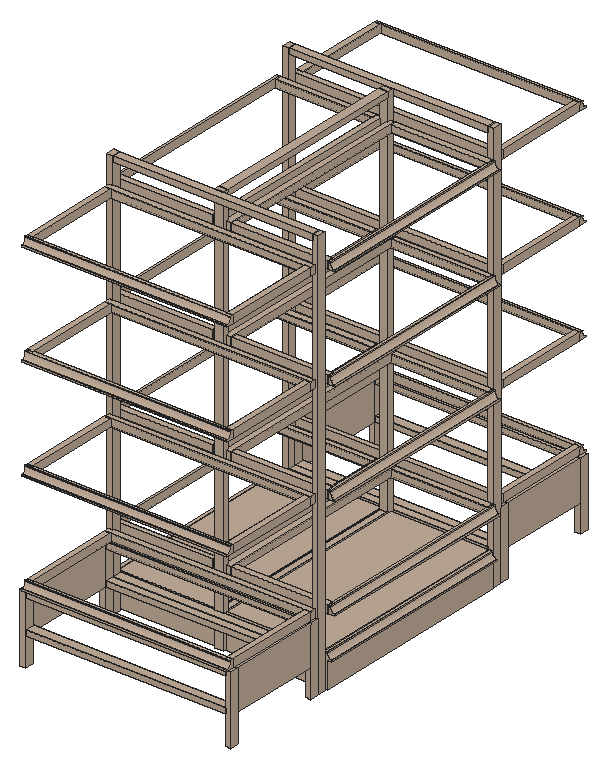
Revit family "Illuminated Display Solution", category Generic Models, Revit 2014
Parameters
  URL = "http://madixinc.com/"
  UFWDPU - Panel Width = 1' - 6"
  UFWDPU - End Panel Height = 6' - 0"
  UFWDPU - Base Panel Height = 0' - 6"
  UFUSA - Right - Depth = 1' - 6"
  UFUSA - Left - Depth = 1' - 6"
  UFUSA - Ends - Depth = 1' - 6"
  UFDT - Front - ON/OFF [instance] = yes
  UFDT - Height = 1' - 0"
  UFDT - Depth = 1' - 4"
  UFDT - Base Height = 0' - 6"
  UFDT - Back - ON/OFF [instance] = yes
  UFDPUSEF - Front - ON/OFF [instance] = yes
  UFDPUSEF - Back - ON/OFF [instance] = yes
  UFDPUSEF - End Panel Width = 3' - 0"
  UFDPUSEF - End Panel Height = 6' - 0"
  UFDPUSEF - End Panel Base Height = 0' - 6"
  UFBD - Right - ON/OFF [instance] = yes
  UFBD - Left - ON/OFF [instance] = yes
  UFBD - Height = 0' - 6"
  UFBD - Front - ON/OFF [instance] = no
  UFBD - Depth = 1' - 6"
  UFBD - Back - ON/OFF [instance] = no
  Model = "Vesta Illuminated Display Solution"
  Manufacturer = "© 2014 Madix, Inc. All rights reserved."
  Frame Material [instance] = Default Madix
  UFGC - Center Panel Width = 3' - 0"
  UFGC - Center Panel Height = 6' - 0"
  UFGC - Center Panel Base Height = 0' - 6"
  Acrylic Glass [instance] = Acrylic Glass
  UFUSA - Front End - Shelf 1 - ON/OFF [instance] = no
  UFUSA - Front End - Shelf 2 - ON/OFF [instance] = no
  UFUSA - Front End - Shelf 3 - ON/OFF [instance] = yes
  UFUSA - Front End - Shelf 4 - ON/OFF [instance] = no
  UFUSA - Front End - Shelf 5 - ON/OFF [instance] = no
  UFUSA - Front End - Shelf 6 - ON/OFF [instance] = yes
  UFUSA - Front End - Shelf 7 - ON/OFF [instance] = no
  UFUSA - Front End - Shelf 8 - ON/OFF [instance] = no
  UFUSA - Front End - Shelf 9 - ON/OFF [instance] = yes
  UFUSA - Front End - Shelf 10 - ON/OFF [instance] = no
  UFUSA - Front End - Shelf 11 - ON/OFF [instance] = no
  UFUSA - Front End - Shelf 12 - ON/OFF [instance] = yes
  UFUSA - Back End - Shelf 1 - ON/OFF [instance] = no
  UFUSA - Back End - Shelf 2 - ON/OFF [instance] = no
  UFUSA - Back End - Shelf 3 - ON/OFF [instance] = yes
  UFUSA - Back End - Shelf 4 - ON/OFF [instance] = no
  UFUSA - Back End - Shelf 5 - ON/OFF [instance] = no
  UFUSA - Back End - Shelf 6 - ON/OFF [instance] = yes
  UFUSA - Back End - Shelf 7 - ON/OFF [instance] = no
  UFUSA - Back End - Shelf 8 - ON/OFF [instance] = no
  UFUSA - Back End - Shelf 9 - ON/OFF [instance] = yes
  UFUSA - Back End - Shelf 10 - ON/OFF [instance] = no
  UFUSA - Back End - Shelf 11 - ON/OFF [instance] = no
  UFUSA - Back End - Shelf 12 - ON/OFF [instance] = yes
  UFUSA - Right Side - Shelf 1 - ON/OFF [instance] = no
  UFUSA - Right Side - Shelf 2 - ON/OFF [instance] = no
  UFUSA - Right Side - Shelf 3 - ON/OFF [instance] = yes
  UFUSA - Right Side - Shelf 4 - ON/OFF [instance] = no
  UFUSA - Right Side - Shelf 5 - ON/OFF [instance] = no
  UFUSA - Right Side - Shelf 6 - ON/OFF [instance] = yes
  UFUSA - Right Side - Shelf 7 - ON/OFF [instance] = no
  UFUSA - Right Side - Shelf 8 - ON/OFF [instance] = no
  UFUSA - Right Side - Shelf 9 - ON/OFF [instance] = yes
  UFUSA - Right Side - Shelf 10 - ON/OFF [instance] = no
  UFUSA - Right Side - Shelf 11 - ON/OFF [instance] = no
  UFUSA - Right Side - Shelf 12 - ON/OFF [instance] = yes
  UFUSA - Left Side - Shelf 1 - ON/OFF [instance] = no
  UFUSA - Left Side - Shelf 2 - ON/OFF [instance] = no
  UFUSA - Left Side - Shelf 3 - ON/OFF [instance] = yes
  UFUSA - Left Side - Shelf 4 - ON/OFF [instance] = no
  UFUSA - Left Side - Shelf 5 - ON/OFF [instance] = no
  UFUSA - Left Side - Shelf 6 - ON/OFF [instance] = yes
  UFUSA - Left Side - Shelf 7 - ON/OFF [instance] = no
  UFUSA - Left Side - Shelf 8 - ON/OFF [instance] = no
  UFUSA - Left Side - Shelf 9 - ON/OFF [instance] = yes
  UFUSA - Left Side - Shelf 10 - ON/OFF [instance] = no
  UFUSA - Left Side - Shelf 11 - ON/OFF [instance] = no
  UFUSA - Left Side - Shelf 12 - ON/OFF [instance] = yes
  UFWDPU - Front Left - ON/OFF [instance] = no
  UFWDPU - Front Right - ON/OFF [instance] = no
  UFWDPU - Back Left - ON/OFF [instance] = no
  UFWDPU - Back Right - ON/OFF [instance] = no
Reference planes (in)
  plane 1 "Center (Front/Back)": y = 0
  plane 2: z = 0
  plane 3 "Center (Left/Right)": x = 0
Dimensions and locks (in)
  aligned and locked: plane 2 to level
  aligned and locked: nested 2 to nested 1
  aligned and locked: nested 3 to nested 1
  aligned and locked: nested 4 to nested 2
  aligned and locked: nested 5 to nested 3
  aligned and locked: nested 8 to nested 2
  aligned and locked: nested 9 to nested 3
  aligned and locked: nested 12 to nested 8
  aligned and locked: nested 13 to nested 9
  aligned and locked: nested 56 to nested 2
  aligned and locked: nested 52 to nested 2
  aligned and locked: nested 48 to nested 2
  aligned and locked: nested 44 to nested 2
  aligned and locked: nested 40 to nested 2
  aligned and locked: nested 36 to nested 2
  aligned and locked: nested 32 to nested 2
  aligned and locked: nested 28 to nested 2
  aligned and locked: nested 24 to nested 2
  aligned and locked: nested 20 to nested 2
  aligned and locked: nested 16 to nested 2
  aligned and locked: nested 3 to nested 57
  aligned and locked: nested 3 to nested 53
  aligned and locked: nested 3 to nested 49
  aligned and locked: nested 3 to nested 45
  aligned and locked: nested 3 to nested 41
  aligned and locked: nested 3 to nested 37
  aligned and locked: nested 3 to nested 33
  aligned and locked: nested 3 to nested 29
  aligned and locked: nested 3 to nested 25
  aligned and locked: nested 3 to nested 21
  aligned and locked: nested 3 to nested 17
  aligned and locked: nested 58 to nested 1
  aligned and locked: nested 59 to nested 1
  aligned and locked: nested 60 to nested 1
  aligned and locked: nested 1 to nested 61
Nested families (in)
  nested 1: "UFGC" at (0, 0, 0) x (0, 1, 0) z (0, 0, 1), Frame Material <- "Frame Material", Acrylic Glass <- "Acrylic Glass", type "UFGC"
    with Frame Material Default Madix, Acrylic Glass Acrylic Glass, End Panel Height 6' - 0"
  nested 2: "UFDPUSEF" at (0, -19.25, 0), Frame Material <- "Frame Material", Acrylic Glass <- "Acrylic Glass", visible <- "UFDPUSEF - Front - ON/OFF", type "UFDPUSEF"
    with Frame Material Default Madix, Acrylic Glass Acrylic Glass
  nested 3: "UFDPUSEF" at (0, 19.25, 0), Frame Material <- "Frame Material", Acrylic Glass <- "Acrylic Glass", visible <- "UFDPUSEF - Back - ON/OFF", type "UFDPUSEF"
    with Frame Material Default Madix, Acrylic Glass Acrylic Glass
  nested 4: "UFDT" at (0, -20.75, 0), Frame Material <- "Frame Material", Acrylic Glass <- "Acrylic Glass", visible <- "UFDT - Front - ON/OFF", type "UFDT"
    with Frame Material Default Madix, Acrylic Glass Acrylic Glass
  nested 5: "UFDT" at (0, 20.75, 0), Acrylic Glass <- "Acrylic Glass", Frame Material <- "Frame Material", visible <- "UFDT - Back - ON/OFF", type "UFDT"
    with Frame Material Default Madix, Acrylic Glass Acrylic Glass
  nested 6: "UFBD" at (0.625, 0, 0) x (0, 1, 0) z (0, 0, 1), Default Madix <- "Frame Material", visible <- "UFBD - Right - ON/OFF", type "UFBD"
    with Base Drawer Width 3' - 0"
  nested 7: "UFBD" at (-0.625, 0, 0) x (0, 1, 0) z (0, 0, 1), Default Madix <- "Frame Material", visible <- "UFBD - Left - ON/OFF", type "UFBD"
    with Base Drawer Width 3' - 0"
  nested 8: "UFBD" at (0, -20, 0), Default Madix <- "Frame Material", visible <- "UFBD - Front - ON/OFF", type "UFBD - END"
    with Default Madix Default Madix, Base Drawer Width 3' - 0"
  nested 9: "UFBD" at (0, 20, 0) x (-1, 0, 0) z (0, 0, 1), Default Madix <- "Frame Material", visible <- "UFBD - Back - ON/OFF", type "UFBD - END"
    with Default Madix Default Madix, Base Drawer Width 3' - 0"
  nested 10: "UFUSA" at (0.625, 0, 0) x (0, 1, 0) z (0, 0, 1), visible <- "UFUSA - Right Side - Shelf 1 - ON/OFF", type "UFUSA - Right"
    with Base Drawer Depth 1' - 6"
  nested 11: "UFUSA" at (-0.625, 0, 0) x (0, 1, 0) z (0, 0, 1), visible <- "UFUSA - Left Side - Shelf 1 - ON/OFF", type "UFUSA"
    with Base Drawer Depth 1' - 6"
  nested 12: "UFUSA" at (0, -20, 0), visible <- "UFUSA - Front End - Shelf 1 - ON/OFF", type "UFUSA - Front End"
    with Base Drawer Depth 1' - 6"
  nested 13: "UFUSA" at (0, 20, 0) x (-1, 0, 0) z (0, 0, 1), visible <- "UFUSA - Back End - Shelf 1 - ON/OFF", type "UFUSA - Back End"
    with Base Drawer Depth 1' - 6"
  nested 14: "UFUSA" at (0.625, 0, 6) x (0, 1, 0) z (0, 0, 1), visible <- "UFUSA - Right Side - Shelf 2 - ON/OFF", type "UFUSA - Right"
    with Base Drawer Depth 1' - 6"
  nested 15: "UFUSA" at (-0.625, 0, 6) x (0, 1, 0) z (0, 0, 1), visible <- "UFUSA - Left Side - Shelf 2 - ON/OFF", type "UFUSA"
    with Base Drawer Depth 1' - 6"
  nested 16: "UFUSA" at (0, -20, 6), visible <- "UFUSA - Front End - Shelf 2 - ON/OFF", type "UFUSA - Front End"
    with Base Drawer Depth 1' - 6"
  nested 17: "UFUSA" at (0, 20, 6) x (-1, 0, 0) z (0, 0, 1), visible <- "UFUSA - Back End - Shelf 2 - ON/OFF", type "UFUSA - Back End"
    with Base Drawer Depth 1' - 6"
  nested 18: "UFUSA" at (0.625, 0, 12) x (0, 1, 0) z (0, 0, 1), visible <- "UFUSA - Right Side - Shelf 3 - ON/OFF", type "UFUSA - Right"
    with Base Drawer Depth 1' - 6"
  nested 19: "UFUSA" at (-0.625, 0, 12) x (0, 1, 0) z (0, 0, 1), visible <- "UFUSA - Left Side - Shelf 3 - ON/OFF", type "UFUSA"
    with Base Drawer Depth 1' - 6"
  nested 20: "UFUSA" at (0, -20, 12), visible <- "UFUSA - Front End - Shelf 3 - ON/OFF", type "UFUSA - Front End"
    with Base Drawer Depth 1' - 6"
  nested 21: "UFUSA" at (0, 20, 12) x (-1, 0, 0) z (0, 0, 1), visible <- "UFUSA - Back End - Shelf 3 - ON/OFF", type "UFUSA - Back End"
    with Base Drawer Depth 1' - 6"
  nested 22: "UFUSA" at (0.625, 0, 18) x (0, 1, 0) z (0, 0, 1), visible <- "UFUSA - Back End - Shelf 4 - ON/OFF", type "UFUSA - Right"
    with Base Drawer Depth 1' - 6"
  nested 23: "UFUSA" at (-0.625, 0, 18) x (0, 1, 0) z (0, 0, 1), visible <- "UFUSA - Left Side - Shelf 4 - ON/OFF", type "UFUSA"
    with Base Drawer Depth 1' - 6"
  nested 24: "UFUSA" at (0, -20, 18), visible <- "UFUSA - Front End - Shelf 4 - ON/OFF", type "UFUSA - Front End"
    with Base Drawer Depth 1' - 6"
  nested 25: "UFUSA" at (0, 20, 18) x (-1, 0, 0) z (0, 0, 1), visible <- "UFUSA - Back End - Shelf 4 - ON/OFF", type "UFUSA - Back End"
    with Base Drawer Depth 1' - 6"
  nested 26: "UFUSA" at (0.625, 0, 24) x (0, 1, 0) z (0, 0, 1), visible <- "UFUSA - Front End - Shelf 5 - ON/OFF", type "UFUSA - Right"
    with Base Drawer Depth 1' - 6"
  nested 27: "UFUSA" at (-0.625, 0, 24) x (0, 1, 0) z (0, 0, 1), visible <- "UFUSA - Left Side - Shelf 5 - ON/OFF", type "UFUSA"
    with Base Drawer Depth 1' - 6"
  nested 28: "UFUSA" at (0, -20, 24), visible <- "UFUSA - Front End - Shelf 5 - ON/OFF", type "UFUSA - Front End"
    with Base Drawer Depth 1' - 6"
  nested 29: "UFUSA" at (0, 20, 24) x (-1, 0, 0) z (0, 0, 1), visible <- "UFUSA - Back End - Shelf 5 - ON/OFF", type "UFUSA - Back End"
    with Base Drawer Depth 1' - 6"
  nested 30: "UFUSA" at (0.625, 0, 30) x (0, 1, 0) z (0, 0, 1), visible <- "UFUSA - Right Side - Shelf 6 - ON/OFF", type "UFUSA - Right"
    with Base Drawer Depth 1' - 6"
  nested 31: "UFUSA" at (-0.625, 0, 30) x (0, 1, 0) z (0, 0, 1), visible <- "UFUSA - Left Side - Shelf 6 - ON/OFF", type "UFUSA"
    with Base Drawer Depth 1' - 6"
  nested 32: "UFUSA" at (0, -20, 30), visible <- "UFUSA - Front End - Shelf 6 - ON/OFF", type "UFUSA - Front End"
    with Base Drawer Depth 1' - 6"
  nested 33: "UFUSA" at (0, 20, 30) x (-1, 0, 0) z (0, 0, 1), visible <- "UFUSA - Back End - Shelf 6 - ON/OFF", type "UFUSA - Back End"
    with Base Drawer Depth 1' - 6"
  nested 34: "UFUSA" at (0.625, 0, 36) x (0, 1, 0) z (0, 0, 1), visible <- "UFUSA - Right Side - Shelf 7 - ON/OFF", type "UFUSA - Right"
    with Base Drawer Depth 1' - 6"
  nested 35: "UFUSA" at (-0.625, 0, 36) x (0, 1, 0) z (0, 0, 1), visible <- "UFUSA - Left Side - Shelf 7 - ON/OFF", type "UFUSA"
    with Base Drawer Depth 1' - 6"
  nested 36: "UFUSA" at (0, -20, 36), visible <- "UFUSA - Front End - Shelf 7 - ON/OFF", type "UFUSA - Front End"
    with Base Drawer Depth 1' - 6"
  nested 37: "UFUSA" at (0, 20, 36) x (-1, 0, 0) z (0, 0, 1), visible <- "UFUSA - Back End - Shelf 7 - ON/OFF", type "UFUSA - Back End"
    with Base Drawer Depth 1' - 6"
  nested 38: "UFUSA" at (0.625, 0, 42) x (0, 1, 0) z (0, 0, 1), visible <- "UFUSA - Right Side - Shelf 8 - ON/OFF", type "UFUSA - Right"
    with Base Drawer Depth 1' - 6"
  nested 39: "UFUSA" at (-0.625, 0, 42) x (0, 1, 0) z (0, 0, 1), visible <- "UFUSA - Left Side - Shelf 8 - ON/OFF", type "UFUSA"
    with Base Drawer Depth 1' - 6"
  nested 40: "UFUSA" at (0, -20, 42), visible <- "UFUSA - Front End - Shelf 8 - ON/OFF", type "UFUSA - Front End"
    with Base Drawer Depth 1' - 6"
  nested 41: "UFUSA" at (0, 20, 42) x (-1, 0, 0) z (0, 0, 1), visible <- "UFUSA - Back End - Shelf 8 - ON/OFF", type "UFUSA - Back End"
    with Base Drawer Depth 1' - 6"
  nested 42: "UFUSA" at (0.625, 0, 48) x (0, 1, 0) z (0, 0, 1), visible <- "UFUSA - Right Side - Shelf 9 - ON/OFF", type "UFUSA - Right"
    with Base Drawer Depth 1' - 6"
  nested 43: "UFUSA" at (-0.625, 0, 48) x (0, 1, 0) z (0, 0, 1), visible <- "UFUSA - Left Side - Shelf 9 - ON/OFF", type "UFUSA"
    with Base Drawer Depth 1' - 6"
  nested 44: "UFUSA" at (0, -20, 48), visible <- "UFUSA - Front End - Shelf 9 - ON/OFF", type "UFUSA - Front End"
    with Base Drawer Depth 1' - 6"
  nested 45: "UFUSA" at (0, 20, 48) x (-1, 0, 0) z (0, 0, 1), visible <- "UFUSA - Back End - Shelf 9 - ON/OFF", type "UFUSA - Back End"
    with Base Drawer Depth 1' - 6"
  nested 46: "UFUSA" at (0.625, 0, 54) x (0, 1, 0) z (0, 0, 1), visible <- "UFUSA - Right Side - Shelf 10 - ON/OFF", type "UFUSA - Right"
    with Base Drawer Depth 1' - 6"
  nested 47: "UFUSA" at (-0.625, 0, 54) x (0, 1, 0) z (0, 0, 1), visible <- "UFUSA - Left Side - Shelf 10 - ON/OFF", type "UFUSA"
    with Base Drawer Depth 1' - 6"
  nested 48: "UFUSA" at (0, -20, 54), visible <- "UFUSA - Front End - Shelf 10 - ON/OFF", type "UFUSA - Front End"
    with Base Drawer Depth 1' - 6"
  nested 49: "UFUSA" at (0, 20, 54) x (-1, 0, 0) z (0, 0, 1), visible <- "UFUSA - Back End - Shelf 10 - ON/OFF", type "UFUSA - Back End"
    with Base Drawer Depth 1' - 6"
  nested 50: "UFUSA" at (0.625, 0, 60) x (0, 1, 0) z (0, 0, 1), visible <- "UFUSA - Right Side - Shelf 11 - ON/OFF", type "UFUSA - Right"
    with Base Drawer Depth 1' - 6"
  nested 51: "UFUSA" at (-0.625, 0, 60) x (0, 1, 0) z (0, 0, 1), visible <- "UFUSA - Left Side - Shelf 11 - ON/OFF", type "UFUSA"
    with Base Drawer Depth 1' - 6"
  nested 52: "UFUSA" at (0, -20, 60), visible <- "UFUSA - Front End - Shelf 11 - ON/OFF", type "UFUSA - Front End"
    with Base Drawer Depth 1' - 6"
  nested 53: "UFUSA" at (0, 20, 60) x (-1, 0, 0) z (0, 0, 1), visible <- "UFUSA - Back End - Shelf 11 - ON/OFF", type "UFUSA - Back End"
    with Base Drawer Depth 1' - 6"
  nested 54: "UFUSA" at (0.625, 0, 66) x (0, 1, 0) z (0, 0, 1), visible <- "UFUSA - Right Side - Shelf 12 - ON/OFF", type "UFUSA - Right"
    with Base Drawer Depth 1' - 6"
  nested 55: "UFUSA" at (-0.625, 0, 66) x (0, 1, 0) z (0, 0, 1), visible <- "UFUSA - Left Side - Shelf 12 - ON/OFF", type "UFUSA"
    with Base Drawer Depth 1' - 6"
  nested 56: "UFUSA" at (0, -20, 66), visible <- "UFUSA - Front End - Shelf 12 - ON/OFF", type "UFUSA - Front End"
    with Base Drawer Depth 1' - 6"
  nested 57: "UFUSA" at (0, 20, 66) x (-1, 0, 0) z (0, 0, 1), visible <- "UFUSA - Back End - Shelf 12 - ON/OFF", type "UFUSA - Back End"
    with Base Drawer Depth 1' - 6"
  nested 58: "UFWDPU" at (0.5, -19.25, 0), Frame Material <- "Frame Material", Acrylic Glass <- "Acrylic Glass", visible <- "UFWDPU - Front Right - ON/OFF", type "UFWDPU"
    with Frame Material Default Madix, Acrylic Glass Acrylic Glass, End Panel Width 1' - 6", End Panel Height 6' - 0"
  nested 59: "UFWDPU" at (-0.5, -19.25, 0) x (-1, 0, 0) z (0, 0, 1), Frame Material <- "Frame Material", Acrylic Glass <- "Acrylic Glass", visible <- "UFWDPU - Front Left - ON/OFF", type "UFWDPU"
    with Frame Material Default Madix, Acrylic Glass Acrylic Glass, End Panel Width 1' - 6", End Panel Height 6' - 0"
  nested 60: "UFWDPU" at (0.5, 19.25, 0), Acrylic Glass <- "Acrylic Glass", Frame Material <- "Frame Material", visible <- "UFWDPU - Back Right - ON/OFF", type "UFWDPU"
    with Frame Material Default Madix, Acrylic Glass Acrylic Glass, End Panel Width 1' - 6", End Panel Height 6' - 0"
  nested 61: "UFWDPU" at (-0.5, 19.25, 0) x (-1, 0, 0) z (0, 0, 1), Acrylic Glass <- "Acrylic Glass", Frame Material <- "Frame Material", visible <- "UFWDPU - Back Left - ON/OFF", type "UFWDPU"
    with Frame Material Default Madix, Acrylic Glass Acrylic Glass, End Panel Width 1' - 6", End Panel Height 6' - 0"
Definition of nested family "UFGC"
  Parameters (values of type "UFGC")
    Frame Material [instance] = Default Madix
    End Panel Width = 3' - 0"
    End Panel Height = 5' - 0"
    End Panel Base Height = 0' - 6"
    Acrylic Glass [instance] = Acrylic Glass
  Reference planes (in)
    plane 1 "Center (Front/Back)": y = 0
    plane 2: z = 0
    plane 3 "Center (Left/Right)": x = 0
    plane 4: x = -18
    plane 5: x = 18
  Forms (in)
    Extrusion 1, solid, material "Default Madix" <- "Frame Material"
      sketch origin (0, 0, 0) x (1, 0, 0) y (0, 1, 0)
        loop
          line (-18.5, -0.75) -> (-17.5, -0.75) -> (-17.5, 0.75) -> (-18.5, 0.75) -> (-18.5, -0.75)
        loop
          line (17.5, -0.75) -> (18.5, -0.75) -> (18.5, 0.75) -> (17.5, 0.75) -> (17.5, -0.75)
      from 0 to 60
    Extrusion 2, solid, material "Default Madix" <- "Frame Material"
      sketch origin (0, 0, 0) x (1, 0, 0) y (0, 0, 1)
        loop
          line (-17.5, 60) -> (-17.5, 59) -> (17.5, 59) -> (17.5, 60) -> (-17.5, 60)
        loop
          line (-17.5, 5) -> (17.5, 5) -> (17.5, 6) -> (-17.5, 6) -> (-17.5, 5)
      from -0.75 to 0.75
    Extrusion 3, solid, material "Acrylic Glass" <- "Acrylic Glass"
      sketch origin (0, 0, 0) x (1, 0, 0) y (0, 0, 1)
        loop
          line (-17.5, 59) -> (-17.5, 6) -> (17.5, 6) -> (17.5, 59) -> (-17.5, 59)
      from -0.625 to 0.625
  Dimensions and locks (in)
    equal spacing: plane 4, plane 3 "Center (Left/Right)", plane 5
    "End Panel Width": plane 4 to plane 5
    equal spacing: Extrusion 2, plane 1 "Center (Front/Back)", Extrusion 2
    "End Panel Height": Extrusion 2 to level
    "End Panel Base Height": Extrusion 2 to level
    "End Panel Height": Extrusion 1 to level
    locked: Extrusion 3 to Extrusion 2 at 1
    locked: Extrusion 2 to Extrusion 2 at 1
    aligned and locked: plane 2 to level
    aligned and locked: Extrusion 3 sketch curve to Extrusion 2  (x4)
  Automatic sketch dimensions
    plane 4 to Extrusion 1 sketch curve = 0' - 0 1/2"
    Extrusion 1 sketch curve to plane 4 = 0' - 0 1/2"
    plane 5 to Extrusion 1 sketch curve = 0' - 0 1/2"
    Extrusion 1 sketch curve to plane 5 = 0' - 0 1/2"
    plane 1 "Center (Front/Back)" to Extrusion 1 sketch curve = 0' - 0 3/4"  (x2)
    Extrusion 1 sketch curve to plane 1 "Center (Front/Back)" = 0' - 0 3/4"  (x2)
    Extrusion 2 sketch curve to plane 4 = 0' - 0 1/2"  (x2)
    plane 5 to Extrusion 2 sketch curve = 0' - 0 1/2"  (x2)
    level to Extrusion 2 sketch curve = 0' - 5"
    Extrusion 2 sketch curve to Extrusion 2 sketch curve = 0' - 1"  (x2)
    Extrusion 2 sketch curve to Extrusion 2 sketch curve = 4' - 5"
Definition of nested family "UFDPUSEF"
  Parameters (values of type "UFDPUSEF")
    Frame Material [instance] = Default Madix
    End Panel Width = 3' - 0"
    End Panel Height = 6' - 0"
    End Panel Base Height = 0' - 6"
    Acrylic Glass [instance] = Acrylic Glass
  Reference planes (in)
    plane 1 "Center (Front/Back)": y = 0
    plane 2: z = 0
    plane 3 "Center (Left/Right)": x = 0
    plane 4: x = -18
    plane 5: x = 18
  Forms (in)
    Extrusion 1, solid, material "Default Madix" <- "Frame Material"
      sketch origin (0, 0, 0) x (1, 0, 0) y (0, 1, 0)
        loop
          line (-18.5, -0.75) -> (-17.5, -0.75) -> (-17.5, 0.75) -> (-18.5, 0.75) -> (-18.5, -0.75)
        loop
          line (17.5, -0.75) -> (18.5, -0.75) -> (18.5, 0.75) -> (17.5, 0.75) -> (17.5, -0.75)
      from 0 to 72
    Extrusion 2, solid, material "Default Madix" <- "Frame Material"
      sketch origin (0, 0, 0) x (1, 0, 0) y (0, 0, 1)
        loop
          line (-17.5, 72) -> (-17.5, 71) -> (17.5, 71) -> (17.5, 72) -> (-17.5, 72)
        loop
          line (-17.5, 5) -> (17.5, 5) -> (17.5, 6) -> (-17.5, 6) -> (-17.5, 5)
      from -0.75 to 0.75
    Extrusion 3, solid, material "Acrylic Glass" <- "Acrylic Glass"
      sketch origin (0, 0, 0) x (1, 0, 0) y (0, 0, 1)
        loop
          line (-17.5, 71) -> (-17.5, 6) -> (17.5, 6) -> (17.5, 71) -> (-17.5, 71)
      from -0.75 to 0.75
  Dimensions and locks (in)
    equal spacing: plane 4, plane 3 "Center (Left/Right)", plane 5
    "End Panel Width": plane 4 to plane 5
    equal spacing: Extrusion 2, plane 1 "Center (Front/Back)", Extrusion 2
    "End Panel Height": Extrusion 2 to level
    "End Panel Base Height": Extrusion 2 to level
    "End Panel Height": Extrusion 1 to level
    locked: Extrusion 3 to Extrusion 2 at 1
    aligned and locked: plane 2 to level
    aligned and locked: Extrusion 3 sketch curve to Extrusion 2  (x4)
  Automatic sketch dimensions
    plane 4 to Extrusion 1 sketch curve = 0' - 0 1/2"
    Extrusion 1 sketch curve to plane 4 = 0' - 0 1/2"
    plane 5 to Extrusion 1 sketch curve = 0' - 0 1/2"
    Extrusion 1 sketch curve to plane 5 = 0' - 0 1/2"
    plane 1 "Center (Front/Back)" to Extrusion 1 sketch curve = 0' - 0 3/4"  (x2)
    Extrusion 1 sketch curve to plane 1 "Center (Front/Back)" = 0' - 0 3/4"  (x2)
    level to Extrusion 2 sketch curve = 0' - 5"
    Extrusion 2 sketch curve to plane 4 = 0' - 0 1/2"  (x2)
    plane 5 to Extrusion 2 sketch curve = 0' - 0 1/2"  (x2)
    Extrusion 2 sketch curve to Extrusion 2 sketch curve = 5' - 5"
    Extrusion 2 sketch curve to Extrusion 2 sketch curve = 0' - 1"  (x2)
Definition of nested family "UFDT"
  Parameters (values of type "UFDT")
    Frame Material [instance] = Default Madix
    Extrusion Depth = Depth + 0' 0 3/4"  # 1' - 0 3/4"
    End Panel Width = 3' - 0"
    End Panel Height = 1' - 0"
    End Panel Base Height = 0' - 6"
    Depth = 1' - 0"
    Acrylic Glass [instance] = Acrylic Glass
  Reference planes (in)
    plane 1 "Center (Front/Back)": y = 0
    plane 2: z = 0
    plane 3 "Center (Left/Right)": x = 0
    plane 4: x = -18
    plane 5: x = 18
    plane 6: z = -1
  Forms (in)
    Extrusion 1, solid, material "Default Madix" <- "Frame Material"
      sketch origin (-36, 0, 0) x (1, 0, 0) y (0, 0, 1)
        loop
          line (17.5, 5) -> (18.5, 5) -> (18.5, 12) -> (17.5, 12) -> (17.5, 5)
        loop
          line (53.5, 5) -> (54.5, 5) -> (54.5, 12) -> (53.5, 12) -> (53.5, 5)
      from 0.75 to 12.75 <- "Extrusion Depth"
    Extrusion 2, solid, material "Acrylic Glass" <- "Acrylic Glass"
      sketch origin (0, 0, 0) x (1, 0, 0) y (0, 0, 1)
        loop
          line (-17.5, 11.25) -> (17.5, 11.25) -> (17.5, 12) -> (-17.5, 12) -> (-17.5, 11.25)
      from 0.75 to 12.75
  Dimensions and locks (in)
    locked: Extrusion 1 to Extrusion 1 at 1  (x2)
    "End Panel Width": plane 5 to plane 4
    equal spacing: plane 5, plane 3 "Center (Left/Right)", plane 4
    "End Panel Base Height": Extrusion 1 sketch curve to plane 6  (x2)
    "End Panel Height": Extrusion 1 sketch curve to level  (x2)
    locked: Extrusion 2 to Extrusion 2 at 0.75
    "End Panel Height": Extrusion 2 to level
    "Depth": nested 2 to Extrusion 2
    "Depth": Extrusion 2 to Extrusion 2
    aligned and locked: plane 2 to level
    aligned and locked: Extrusion 2 to nested 1
    aligned and locked: Extrusion 2 to Extrusion 1  (x2)
    aligned and locked: plane 1 "Center (Front/Back)" to nested 1
  Automatic sketch dimensions
    Extrusion 2 sketch curve to plane 3 "Center (Left/Right)" = 1' - 5 1/2"
    plane 3 "Center (Left/Right)" to Extrusion 2 sketch curve = 1' - 5 1/2"
    level to Extrusion 2 sketch curve = 0' - 11 1/4"
    Extrusion 2 sketch curve to Extrusion 2 sketch curve = 0' - 0 3/4"
    Extrusion 1 sketch curve to plane 4 = 0' - 0 1/2"
    plane 4 to Extrusion 1 sketch curve = 0' - 0 1/2"
    Extrusion 1 sketch curve to plane 5 = 0' - 0 1/2"
    plane 5 to Extrusion 1 sketch curve = 0' - 0 1/2"
  Nested families (in)
    nested 1: "UFDPUSEF" at (0, 0, 0), type "UFDPUSEF"
      with Frame Material Default Madix, Acrylic Glass Acrylic Glass, End Panel Height 1' - 0"
    nested 2: "UFDPUSEF" at (0, -13.5, 0), Frame Material <- "Frame Material", Acrylic Glass <- "Acrylic Glass", type "UFDPUSEF"
      with Frame Material Default Madix, Acrylic Glass Acrylic Glass, End Panel Height 1' - 0"
  Definition of nested family "UFDPUSEF"
    Parameters (values of type "UFDPUSEF")
      Frame Material [instance] = Default Madix
      End Panel Width = 3' - 0"
      End Panel Height = 6' - 0"
      End Panel Base Height = 0' - 6"
      Acrylic Glass [instance] = Acrylic Glass
    Reference planes (in)
      plane 1 "Center (Front/Back)": y = 0
      plane 2: z = 0
      plane 3 "Center (Left/Right)": x = 0
      plane 4: x = -18
      plane 5: x = 18
    Forms (in)
      Extrusion 1, solid, material "Default Madix" <- "Frame Material"
        sketch origin (0, 0, 0) x (1, 0, 0) y (0, 1, 0)
          loop
            line (-18.5, -0.75) -> (-17.5, -0.75) -> (-17.5, 0.75) -> (-18.5, 0.75) -> (-18.5, -0.75)
          loop
            line (17.5, -0.75) -> (18.5, -0.75) -> (18.5, 0.75) -> (17.5, 0.75) -> (17.5, -0.75)
        from 0 to 72
      Extrusion 2, solid, material "Default Madix" <- "Frame Material"
        sketch origin (0, 0, 0) x (1, 0, 0) y (0, 0, 1)
          loop
            line (-17.5, 72) -> (-17.5, 71) -> (17.5, 71) -> (17.5, 72) -> (-17.5, 72)
          loop
            line (-17.5, 5) -> (17.5, 5) -> (17.5, 6) -> (-17.5, 6) -> (-17.5, 5)
        from -0.75 to 0.75
      Extrusion 3, solid, material "Acrylic Glass" <- "Acrylic Glass"
        sketch origin (0, 0, 0) x (1, 0, 0) y (0, 0, 1)
          loop
            line (-17.5, 71) -> (-17.5, 6) -> (17.5, 6) -> (17.5, 71) -> (-17.5, 71)
        from -0.75 to 0.75
    Dimensions and locks (in)
      equal spacing: plane 4, plane 3 "Center (Left/Right)", plane 5
      "End Panel Width": plane 4 to plane 5
      equal spacing: Extrusion 2, plane 1 "Center (Front/Back)", Extrusion 2
      "End Panel Height": Extrusion 2 to level
      "End Panel Base Height": Extrusion 2 to level
      "End Panel Height": Extrusion 1 to level
      locked: Extrusion 3 to Extrusion 2 at 1
      aligned and locked: plane 2 to level
      aligned and locked: Extrusion 3 sketch curve to Extrusion 2  (x4)
    Automatic sketch dimensions
      plane 4 to Extrusion 1 sketch curve = 0' - 0 1/2"
      Extrusion 1 sketch curve to plane 4 = 0' - 0 1/2"
      plane 5 to Extrusion 1 sketch curve = 0' - 0 1/2"
      Extrusion 1 sketch curve to plane 5 = 0' - 0 1/2"
      plane 1 "Center (Front/Back)" to Extrusion 1 sketch curve = 0' - 0 3/4"  (x2)
      Extrusion 1 sketch curve to plane 1 "Center (Front/Back)" = 0' - 0 3/4"  (x2)
      level to Extrusion 2 sketch curve = 0' - 5"
      Extrusion 2 sketch curve to plane 4 = 0' - 0 1/2"  (x2)
      plane 5 to Extrusion 2 sketch curve = 0' - 0 1/2"  (x2)
      Extrusion 2 sketch curve to Extrusion 2 sketch curve = 5' - 5"
      Extrusion 2 sketch curve to Extrusion 2 sketch curve = 0' - 1"  (x2)
Definition of nested family "UFBD"
  Parameters (values of type "UFBD")
    Default Madix [instance] = Default Madix
    Base Drawer Width = 4' - 0"
    Base Drawer Height = 0' - 6"
    Base Drawer Depth = 1' - 6"
  Reference planes (in)
    plane 1 "Center (Front/Back)": y = 0
    plane 2: z = 0
    plane 3 "Center (Left/Right)": x = 0
  Forms (in)
    Extrusion 1, solid, material "Default Madix" <- "Default Madix"
      sketch origin (0, 1.5, 0) x (0, 1, 0) y (0, 0, 1)
        loop
          line (-1.5, 0) -> (-1.5, 6) -> (-18.875, 6) -> (-18.875, 0) -> (-1.5, 0)
        loop
          line (-19, 0) -> (-19, 6) -> (-19.5, 6) -> (-19.5, 5.875) -> (-19.375, 5.875)
          arc (-19.375, 5.875) -> (-19.63696, 5.23714) -> (-20.125, 4.75) r 1.75
          line (-20.125, 4.75) -> (-20.125, 4.875) -> (-20.25, 4.875) -> (-20.25, 4.625) -> (-19.5, 4.625) -> (-19.5, 0) -> (-19, 0)
      from -24 to 24
  Dimensions and locks (in)
    equal spacing: Extrusion 1, plane 3 "Center (Left/Right)", Extrusion 1
    "Base Drawer Width": Extrusion 1 to Extrusion 1
    Extrusion 1 to Extrusion 1 = 0' - 6"
    "Base Drawer Depth": Extrusion 1 to Extrusion 1
    "Base Drawer Height": Extrusion 1 sketch curve to Extrusion 1 sketch curve
    aligned and locked: plane 2 to level
  Automatic sketch dimensions
    Extrusion 1 sketch curve to level = 0' - 0"  (x2)
    Extrusion 1 sketch curve to plane 1 "Center (Front/Back)" = 0' - 0"
    plane 1 "Center (Front/Back)" to Extrusion 1 sketch curve = 1' - 5 3/8"
    Extrusion 1 sketch curve to Extrusion 1 sketch curve = 0' - 0 1/8"  (x8)
    Extrusion 1 sketch curve to Extrusion 1 sketch curve = 0' - 0 3/8"
    Extrusion 1 sketch curve to Extrusion 1 sketch curve = 0' - 0 5/8"
    Extrusion 1 sketch curve to Extrusion 1 sketch curve = 0' - 0.84305"
    Extrusion 1 sketch curve to Extrusion 1 sketch curve = 0' - 1 3/8"
Definition of nested family "UFUSA"
  Parameters (values of type "UFUSA")
    Default Madix = Default Madix
    Base Drawer Width = 3' - 0"
    Base Drawer Depth = 1' - 0"
    Acrylic Glass = Acrylic Glass
  Reference planes (in)
    plane 1 "Center (Front/Back)": y = 0
    plane 2: z = 0
    plane 3 "Center (Left/Right)": x = 0
  Forms (in)
    Extrusion 1, solid, material "Default Madix" <- "Default Madix"
      sketch origin (0, 1.5, -4.625) x (0, 1, 0) y (0, 0, 1)
        loop
          line (-1.5, 4.625) -> (-1.5, 6) -> (-2.5, 6) -> (-2.5, 4.625) -> (-1.5, 4.625)
        loop
          line (-13.5, 4.625) -> (-13.5, 6) -> (-14, 6) -> (-14, 5.875) -> (-13.875, 5.875)
          arc (-13.875, 5.875) -> (-14.13696, 5.23714) -> (-14.625, 4.75) r 1.75
          line (-14.625, 4.75) -> (-14.625, 4.875) -> (-14.75, 4.875) -> (-14.75, 4.625) -> (-13.5, 4.625)
      from -18 to 18
    Extrusion 2, solid, material "Default Madix" <- "Default Madix"
      sketch origin (0, 0, 0) x (1, 0, 0) y (0, 0, 1)
        loop
          line (-18, 1.375) -> (-18, 0) -> (-17, 0) -> (-17, 1.375) -> (-18, 1.375)
        loop
          line (18, 0) -> (18, 1.375) -> (17, 1.375) -> (17, 0) -> (18, 0)
      from 1 to 12
    Extrusion 3, solid, material "Acrylic Glass" <- "Acrylic Glass"
      sketch origin (0, 0, 0) x (1, 0, 0) y (0, 0, 1)
        loop
          line (-17, 1.25) -> (-17, 0.25) -> (17, 0.25) -> (17, 1.25) -> (-17, 1.25)
      from 1 to 12
  Dimensions and locks (in)
    equal spacing: Extrusion 1, plane 3 "Center (Left/Right)", Extrusion 1
    "Base Drawer Width": Extrusion 1 to Extrusion 1
    locked: Extrusion 1 sketch curve to Extrusion 1 sketch curve at 1
    "Base Drawer Depth": Extrusion 1 to plane 1 "Center (Front/Back)"
    locked: Extrusion 1 to Extrusion 2 sketch curve at 1  (x2)
    aligned and locked: plane 2 to level
    aligned and locked: Extrusion 2 to Extrusion 1  (x2)
    aligned and locked: Extrusion 3 to Extrusion 1  (x2)
    aligned and locked: Extrusion 3 to Extrusion 2  (x2)
  Automatic sketch dimensions
    Extrusion 1 sketch curve to plane 1 "Center (Front/Back)" = 0' - 0"
    Extrusion 1 sketch curve to Extrusion 1 sketch curve = 0' - 0 3/8"
    Extrusion 1 sketch curve to Extrusion 1 sketch curve = 0' - 0 1/8"  (x5)
    Extrusion 1 sketch curve to Extrusion 1 sketch curve = 0' - 0.84305"
    Extrusion 1 sketch curve to Extrusion 1 sketch curve = 0' - 1"
    level to Extrusion 1 sketch curve = 0' - 0"
    Extrusion 1 sketch curve to Extrusion 1 sketch curve = 0' - 1 1/8"
    Extrusion 1 sketch curve to Extrusion 1 sketch curve = 0' - 1 3/8"
    level to Extrusion 1 sketch curve = 0' - 1 3/8"
    Extrusion 1 sketch curve to Extrusion 1 sketch curve = 0' - 11"
    Extrusion 2 sketch curve to level = 0' - 0"  (x2)
    Extrusion 2 sketch curve to Extrusion 2 sketch curve = 0' - 1"  (x2)
    level to Extrusion 2 sketch curve = 0' - 1 3/8"
    Extrusion 2 sketch curve to Extrusion 2 sketch curve = 0' - 1 3/8"
    level to Extrusion 3 sketch curve = 0' - 0 1/4"
    Extrusion 3 sketch curve to plane 3 "Center (Left/Right)" = 1' - 5"
    plane 3 "Center (Left/Right)" to Extrusion 3 sketch curve = 1' - 5"
    Extrusion 3 sketch curve to Extrusion 3 sketch curve = 0' - 1"
Definition of nested family "UFWDPU"
  Parameters (values of type "UFWDPU")
    Frame Material [instance] = Default Madix
    End Panel Width = 1' - 10"
    End Panel Height = 5' - 0"
    End Panel Base Height = 0' - 6"
    Acrylic Glass [instance] = Acrylic Glass
  Reference planes (in)
    plane 1 "Center (Front/Back)": y = 0
    plane 2: z = 0
    plane 3 "Center (Left/Right)": x = 0
    plane 4: x = 0
    plane 5: x = 22
  Forms (in)
    Extrusion 1, solid, material "Default Madix" <- "Frame Material"
      sketch origin (0, 0, 0) x (1, 0, 0) y (0, 1, 0)
        loop
          line (-0.5, -0.75) -> (0.5, -0.75) -> (0.5, 0.75) -> (-0.5, 0.75) -> (-0.5, -0.75)
        loop
          line (21.5, -0.75) -> (22.5, -0.75) -> (22.5, 0.75) -> (21.5, 0.75) -> (21.5, -0.75)
      from 0 to 60
    Extrusion 2, solid, material "Default Madix" <- "Frame Material"
      sketch origin (0, 0, 0) x (1, 0, 0) y (0, 0, 1)
        loop
          line (0.5, 60) -> (0.5, 59) -> (21.5, 59) -> (21.5, 60) -> (0.5, 60)
        loop
          line (0.5, 5) -> (21.5, 5) -> (21.5, 6) -> (0.5, 6) -> (0.5, 5)
      from -0.75 to 0.75
    Extrusion 3, solid, material "Acrylic Glass" <- "Acrylic Glass"
      sketch origin (0, 0, 0) x (1, 0, 0) y (0, 0, 1)
        loop
          line (0.5, 59) -> (0.5, 6) -> (21.5, 6) -> (21.5, 59) -> (0.5, 59)
      from -0.625 to 0.625
  Dimensions and locks (in)
    "End Panel Width": plane 4 to plane 5
    equal spacing: Extrusion 2, plane 1 "Center (Front/Back)", Extrusion 2
    "End Panel Height": Extrusion 2 to level
    "End Panel Base Height": Extrusion 2 to level
    "End Panel Height": Extrusion 1 to level
    locked: Extrusion 3 to Extrusion 2 at 1
    locked: Extrusion 2 to Extrusion 2 at 1
    aligned and locked: plane 2 to level
    aligned and locked: Extrusion 3 sketch curve to Extrusion 2  (x4)
    aligned and locked: plane 4 to plane 3 "Center (Left/Right)"
  Automatic sketch dimensions
    plane 4 to Extrusion 1 sketch curve = 0' - 0 1/2"
    Extrusion 1 sketch curve to plane 4 = 0' - 0 1/2"
    plane 5 to Extrusion 1 sketch curve = 0' - 0 1/2"
    Extrusion 1 sketch curve to plane 5 = 0' - 0 1/2"
    plane 1 "Center (Front/Back)" to Extrusion 1 sketch curve = 0' - 0 3/4"  (x2)
    Extrusion 1 sketch curve to plane 1 "Center (Front/Back)" = 0' - 0 3/4"  (x2)
    Extrusion 2 sketch curve to plane 4 = 0' - 0 1/2"  (x2)
    plane 5 to Extrusion 2 sketch curve = 0' - 0 1/2"  (x2)
    level to Extrusion 2 sketch curve = 0' - 5"
    Extrusion 2 sketch curve to Extrusion 2 sketch curve = 0' - 1"  (x2)
    Extrusion 2 sketch curve to Extrusion 2 sketch curve = 4' - 5"
